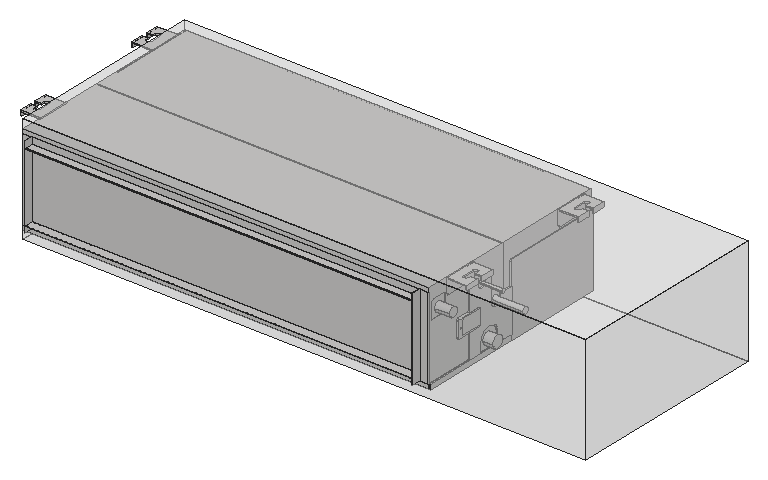
Revit family "outputfile", category 機械設備, Revit 2024
Family settings
  丸型コネクタ寸法 = 半径を使用
  パーツ タイプ = 標準
  OmniClass 番号 = 23.75.10.24.21.27.27
  OmniClass タイトル = Split System Air Conditioning Units
  作業面ベース = いいえ
  常に垂直 = はい
  ロード時にボイドで切り取り = いいえ
  注釈の向きを維持 = いいえ
  共有 = いいえ
  部屋計算ポイント = はい
Parameters (values of type "FXDQ50TV1C")
  Description = ""
  製造元 = "Daikin"
  書き出し IFC クラス(タイプ) = "IfcUnitaryEquipmentType"
  定義済み IFC タイプ(タイプ) = "AIRCONDITIONINGUNIT"
  Cost = 0
  モデル = "FXDQ50TV1C"
  Type Comments = ""
  Keynote = ""
  Type Image = (empty or 0)
  Assembly Code = ""
  r_Liquid Pipe Size = Liquid Pipe Size / 2  # 3.2 mm
  r_Gas Pipe Size = Gas Pipe Size / 2  # 6.35 mm
  r_Drain Pipe Size = Drain Pipe Size / 2  # 10.0 mm
  lw_powersuply = 65.0 mm  # constant formula
  lh_suctionflange [instance] = [h***] + 100.5 mm  # 100.5 mm
  lh_mounting = lh_mountinghole + [h***]  # 200.0 mm
  ld_suctionflange [instance] = if(and(Rear Connection_Return Air, Width = 700.0 mm), 94.5 mm, if(and(Rear Connection_Return Air, Width = 900.0 mm), 94.0 mm, if(and(Rear Connection_Return Air, Width = 1100.0 mm), 94.0 mm, 100.5 mm)))  # 94.0 mm
  ld_powersuply = 64.0 mm  # constant formula
  ld_mountinghole_Back = if(Width = 900.0 mm, 169.0 mm, 165.0 mm)  # 169.0 mm
  ld_mountinghole_Front = if(Width = 900.0 mm, 140.0 mm, 144.0 mm)  # 140.0 mm
  ld_RA_below = if(Width = 700.0 mm, 189.0 mm, 188.0 mm)  # 188.0 mm
  ld_RA = if(Width = 700.0 mm, 94.5 mm, 94.0 mm)  # 94.0 mm
  angle_vertical_RA [instance] = if(Rear Connection_Return Air, 90.00°, 0.00°)  # 90.00°
  angle horizontal_RA [instance] = if(Rear Connection_Return Air, 180.00°, 270.00°)  # 180.00°
  Voltage_comment_50Hz = "220-240"
  Voltage_50Hz = 220 V
  URL = ""
  Supply Air Direction [instance] = yes
  Sound Power Level_H speed (dB) = 0
  Rear Connection_Return Air [instance] = not(Bottom Connection_Return Air)  # yes
  Phase_50Hz = 1
  Minimum External Static Pressure = 10.00 Pa
  Minimum Circuit Amps_50Hz = 2.1 A
  Maximum Fuse Amps_50Hz = 15.0 A
  Maximum External Static Pressure = 45.00 Pa
  Material_Casing = DAIKIN_GalvanizedSteel_Casing_indoorunit
  ld_liquidpipe = 142.0 mm  # constant formula
  ld_gaspipe = 181.0 mm  # constant formula
  lw_mountinghole = Width + 52.0 mm  # 952.0 mm
  ld_drainpipe = 28.0 mm  # constant formula
  lh_liquidpipe = 151.0 mm
  lh_gaspipe = 101.0 mm
  lh_mountinghole = 200.0 mm  # constant formula
  lh_drainpipe = 152.0 mm  # constant formula
  h_antenna = Height - lh_mountinghole + 1.0 mm  # 1.0 mm
  h*** = 0.0 mm  # constant formula
  Width = 900.0 mm
  Version = "ver.1.0"
  Unit Type = "Slim Duct (Standard) Type"
  Unit Mass Weight = 21.00 kg
  Unit Designation [instance] = ""
  Uniclass2015Version = "Products v1.30"
  Uniclass2015Title = "Variable refrigerant flow units"
  Uniclass2015Code = "Pr_70_65_03_94"
  Total Heating Capacity [instance] = 0.000 kW
  Total Cooling Capacity [instance] = 0.000 kW
  Sound Pressure Level_M speed (dBA) = 0
  Sound Pressure Level_L speed (dBA) = 30
  Sound Pressure Level_H speed (dBA) = 35
  Series = "VRV Fan Coil Unit"
  Sensible Cooling Capacity [instance] = 0.000 kW
  SA Duct Size Width = if(Width = 900.0 mm, 860.0 mm, if(Width = 1100.0 mm, 1060.0 mm, 660.0 mm))  # 860.0 mm
  SA Duct Size Height = 153.0 mm  # constant formula
  Refrigerant Type = "R410A"
  RA Duct Size Width = if(Width = 900.0 mm, 775.0 mm, if(Width = 1100.0 mm, 975.0 mm, 575.0 mm))  # 775.0 mm
  RA Duct Size Height [instance] = if(Rear Connection_Return Air, 163.0 mm, if(Width = 700.0 mm, 153.0 mm, 152.0 mm))  # 163.0 mm
  Power Input (Heating) = 0.070 kW
  Power Input (Cooling) = 0.075 kW
  Option Accessory 3 [instance] = ""
  Option Accessory 2 [instance] = ""
  Option Accessory 1 [instance] = ""
  Nominal Heating Capacity = 6.300 kW
  Nominal Cooling Capacity = 5.600 kW
  Minimum Airflow = 0.00 m³/h
  Median Airflow = 0.00 m³/h
  Maximum Airflow = 900.00 m³/h
  Load Classification = HVAC
  Liquid Pipe Size = 6.4 mm
  Link_Nested Family [instance] = ""
  IfcVersion = "0"
  IfcExportType = "AIRCONDITIONINGUNIT"
  IfcExportAs = "IfcUnitaryEquipmentType"
  Height = 200.0 mm
  Heating Entering Wet Bulb Temperature [instance] = 0.00 °C
  Heating Entering Dry Bulb Temperature [instance] = 0.00 °C
  Heating Ambient Wet Bulb Temperature [instance] = 0.00 °C
  Heating Ambient Dry Bulb Temperature [instance] = 0.00 °C
  Heat Exchanger Type = "Cross Fin Coil"
  Gas Pipe Size = 12.7 mm
  Frequency_50Hz = 50 Hz
  Fan Type = "Sirocco Fan"
  Fan Drive = "Direct Drive"
  FCU Tag No. [instance] = ""
  Drain Pipe Size = 20.0 mm
  Design Supply Airflow [instance] = 0.00 m³/h
  Design Return Airflow [instance] = 0.00 m³/h
  Design External Static Pressure [instance] = 0.00 Pa
  Depth = 450.0 mm
  既定の高さ = 0.0 mm
  Cooling Entering Wet Bulb Temperature [instance] = 0.00 °C
  Cooling Entering Dry Bulb Temperature [instance] = 0.00 °C
  Cooling Ambient Wet Bulb Temperature [instance] = 0.00 °C
  Cooling Ambient Dry Bulb Temperature [instance] = 0.00 °C
  Clearance visibility [instance] = yes
  Clearance Top = 20.0 mm
  Clearance Right = 350.0 mm
  Clearance Rear = 0.0 mm
  Clearance Left = 0.0 mm
  Clearance Front = 0.0 mm
  Clearance Bottom = 20.0 mm
  Bottom Connection_Return Air [instance] = no
Reference planes
  plane 1 "Center (Front/Back)": y = 0
  plane 2 "Bottom": z = -200
  plane 3 "Center (Left/Right)": x = 0
  plane 4 "Back": y = 225
  plane 5 "Front": y = -225
  plane 6 "Left": x = -450
  plane 7 "Right": x = 450
  plane 8 "Top": z = 0
  plane 9 "BB": y = -20
  plane 10 "condensate water pan": z = -190
  plane 11 "Below": z = -200
  plane 12 "Other components Right": x = 455
  plane 13 "Other components Left": x = 445
  plane 14 "lh_drainpipe": z = -48
  plane 15 "ld_drainpipe": y = -197
  plane 16 "drainpipe": x = 483
  plane 17 "lh_liquidpipe": z = -49
  plane 18 "ld_liquidpipe": y = -83
  plane 19 "ld_gaspipe": y = -44
  plane 20 "lh_gaspipe": z = -99
  plane 21: x = 503
  plane 22: x = 520
  plane 23: x = 474
  plane 24 "w_mountinghole_Left": x = -476
  plane 25 "w_mountinghole_Right": x = 476
  plane 26 "d_mountinghole_Back": y = 169
  plane 27 "d_mountinghole_Front": y = -140
  plane 28 "h_mountinghole": z = 0
  plane 29 "lw_powersuply": x = 385
  plane 30 "ld_powersuply": y = -161
  plane 31 "Clearance Left": x = -450
  plane 32 "Clearance Right": x = 800
  plane 33 "Clearance Rear": y = 225
  plane 34 "Clearance Front": y = -225
  plane 35 "Clearance Bottom": z = -220
  plane 36 "Clearance Top": z = 20
  plane 37 "RA": y = 224
  plane 38: z = -199
  plane 39 "RA_d": y = 131
  plane 40 "RA_w": x = -51.5
  plane 41 "RA_h": z = -99.5
  plane 42 "SA_h": z = -99
  plane 43 "RA_dd": y = 37
Forms (mm)
  Extrusion 1, solid, material "DAIKIN_GalvanizedSteel_Casing_indoorunit" <- "Material_Casing"
    sketch origin (0, 0, 100) x (0, 1, 0) y (0, 0, 1)
      loop
        line (-20, -100) -> (-20, -300) -> (225, -300) -> (225, -100) -> (-20, -100)
    from -450 to 450
  Extrusion 2, solid, material "DAIKIN_GalvanizedSteel_Casing_indoorunit" <- "Material_Casing"
    sketch origin (0, 0, 100) x (0, 1, 0) y (0, 0, 1)
      loop
        line (-225, -100) -> (-225, -290) -> (-20, -290) -> (-20, -100) -> (-225, -100)
    from -450 to 450
  Extrusion 3, solid, material "DAIKIN_GalvanizedSteel_Casing_indoorunit" <- "Material_Casing"
    sketch origin (0, 0, 100) x (0, 1, 0) y (0, 0, 1)
      loop
        line (-225, -290) -> (-225, -300) -> (-20, -300) -> (-20, -290) -> (-225, -290)
    from -450 to 450
  Extrusion 4, solid, material "DAIKIN_GalvanizedSteel_Casing_indoorunit" <- "Material_Casing"
    sketch origin (0, 0, 0) x (0, 1, 0) y (0, 0, 1)
      loop
        arc (2, -40) -> (-0.121, -40.879) -> (-1, -43) r 3
        line (-1, -43) -> (-1, -197)
        arc (-1, -197) -> (-0.121, -199.121) -> (2, -200) r 3
        line (2, -200) -> (225, -200) -> (225, -40) -> (2, -40)
    from 450 to 455
  Extrusion 5, solid, material "DAIKIN_GalvanizedSteel_Casing_indoorunit" <- "Material_Casing"
    sketch origin (620, 0, 0) x (0, 1, 0) y (0, 0, 1)
      loop
        line (-225, -190) -> (-225, -200) -> (-2, -200) -> (-2, -193)
        arc (-2, -193) -> (-2.879, -190.879) -> (-5, -190) r 3
        line (-5, -190) -> (-225, -190)
    from -170 to -165
  Extrusion 6, void
    sketch origin (0, 0, 0) x (0, 1, 0) y (0, 0, 1)
      loop
        arc (-145.64, -94.17) -> (-147.761, -95.049) -> (-148.64, -97.17) r 3
        line (-148.64, -97.17) -> (-148.64, -131.17)
        arc (-148.64, -131.17) -> (-147.761, -133.291) -> (-145.64, -134.17) r 3
        line (-145.64, -134.17) -> (-91.78, -134.17)
        arc (-91.78, -134.17) -> (-89.659, -133.291) -> (-88.78, -131.17) r 3
        line (-88.78, -131.17) -> (-88.78, -97.17)
        arc (-88.78, -97.17) -> (-89.659, -95.049) -> (-91.78, -94.17) r 3
        line (-91.78, -94.17) -> (-145.64, -94.17)
    from 445 to 455
  Extrusion 7, void
    sketch origin (460, 0, 0) x (0, 1, 0) y (0, 0, 1)
      loop
        arc (-212.95, -27.05) -> (-216.486, -28.514) -> (-217.95, -32.05) r 5
        line (-217.95, -32.05) -> (-217.95, -63.95)
        arc (-217.95, -63.95) -> (-216.486, -67.486) -> (-212.95, -68.95) r 5
        line (-212.95, -68.95) -> (-181.05, -68.95)
        arc (-181.05, -68.95) -> (-177.514, -67.486) -> (-176.05, -63.95) r 5
        line (-176.05, -63.95) -> (-176.05, -32.05)
        arc (-176.05, -32.05) -> (-177.514, -28.514) -> (-181.05, -27.05) r 5
        line (-181.05, -27.05) -> (-212.95, -27.05)
    from -15 to -5
  Extrusion 8, solid, material "DAIKIN_GalvanizedSteel_Casing_indoorunit" <- "Material_Casing"
    sketch origin (700, 0, 0) x (0, 1, 0) y (0, 0, 1)
      loop
        line (-116.823, -42) -> (-116.823, -190) -> (-87.438, -190) -> (-87.438, -167.881)
        arc (-87.438, -167.881) -> (-62.998, -143.441) -> (-38.558, -167.881) r 24.44
        line (-38.558, -167.881) -> (-38.558, -190) -> (-1, -190) -> (-1, -92.773) -> (-27.497, -92.773)
        arc (-27.497, -92.773) -> (-28.911, -93.359) -> (-29.497, -94.773) r 2
        line (-29.497, -94.773) -> (-29.497, -99)
        arc (-29.497, -99) -> (-43.997, -113.5) -> (-58.497, -99) r 14.5
        line (-58.497, -99) -> (-58.497, -42.3)
        arc (-58.497, -42.3) -> (-59.171, -40.674) -> (-60.797, -40) r 2.3
        line (-60.797, -40) -> (-69, -40)
        arc (-69, -40) -> (-70.414, -40.586) -> (-71, -42) r 2
        line (-71, -42) -> (-71, -49)
        arc (-71, -49) -> (-83, -61) -> (-95, -49) r 12
        line (-95, -49) -> (-95, -42)
        arc (-95, -42) -> (-95.586, -40.586) -> (-97, -40) r 2
        line (-97, -40) -> (-114.823, -40)
        arc (-114.823, -40) -> (-116.237, -40.586) -> (-116.823, -42) r 2
    from -250 to -245
  Extrusion 9, solid, material "DAIKIN_GalvanizedSteel_Casing_indoorunit" <- "Material_Casing"
    sketch origin (0, 0, 0) x (0, 1, 0) y (0, 0, 1)
      loop
        line (-91.78, -95.17) -> (-145.64, -95.17)
        arc (-145.64, -95.17) -> (-147.054, -95.756) -> (-147.64, -97.17) r 2
        line (-147.64, -97.17) -> (-147.64, -131.17)
        arc (-147.64, -131.17) -> (-147.054, -132.584) -> (-145.64, -133.17) r 2
        line (-145.64, -133.17) -> (-91.78, -133.17)
        arc (-91.78, -133.17) -> (-90.366, -132.584) -> (-89.78, -131.17) r 2
        line (-89.78, -131.17) -> (-89.78, -97.17)
        arc (-89.78, -97.17) -> (-90.366, -95.756) -> (-91.78, -95.17) r 2
    from 445 to 455
  Extrusion 10, solid, material "DAIKIN_GalvanizedSteel_Casing_indoorunit" <- "Material_Casing"
    sketch origin (0, 0, 0) x (0, 1, 0) y (0, 0, 1)
      loop
        line (-89.78, -97.67) -> (-136.14, -97.67) -> (-136.14, -130.67) -> (-89.78, -130.67) -> (-89.78, -97.67)
      loop
        circle (-142.64, -114.17) r 1.5
    from 450 to 455
  Extrusion 11, solid, material "DAIKIN_GalvanizedSteel_Casing_indoorunit" <- "Material_Casing"
    sketch origin (0, 0, 0) x (0, 1, 0) y (0, 0, 1)
      loop
        circle (-197, -48) r 10
    from 450 to 483
  Extrusion 12, solid, material "DAIKIN_GalvanizedSteel_Casing_indoorunit" <- "Material_Casing"
    sketch origin (0, 0, 0) x (0, 1, 0) y (0, 0, 1)
      loop
        circle (-83, -49) r 3.2
    from 450 to 503
  Extrusion 13, solid, material "DAIKIN_GalvanizedSteel_Casing_indoorunit" <- "Material_Casing"
    sketch origin (0, 0, 0) x (0, 1, 0) y (0, 0, 1)
      loop
        circle (-44, -99) r 6.35
    from 450 to 520
  Extrusion 14, solid, material "DAIKIN_GalvanizedSteel_Casing_indoorunit" <- "Material_Casing"
    sketch origin (0, 0, 0) x (0, 1, 0) y (0, 0, 1)
      loop
        circle (-62.998, -169) r 13
    from 450 to 474
  Extrusion 15, void
    sketch origin (0, 0, 0) x (1, 0, 0) y (0, 0, 1)
      loop
        line (346, -1) -> (-449, -1) -> (-449, -200) -> (346, -200) -> (346, -1)
    from -225 to -37
  Extrusion 16, solid, material "DAIKIN_GalvanizedSteel_Casing_indoorunit" <- "Material_Casing", visible <- "Bottom Connection_Return Air"
    sketch origin (0, 0, 0) x (1, 0, 0) y (0, 0, 1)
      loop
        line (346, -1) -> (-449, -1) -> (-449, -200) -> (346, -200) -> (346, -1)
    from -225 to -224
  Extrusion 17, solid, material "DAIKIN_GalvanizedSteel_Casing_indoorunit" <- "Material_Casing", visible <- "Rear Connection_Return Air"
    sketch origin (0, 0, 0) x (1, 0, 0) y (0, 1, 0)
      loop
        line (-449, 37) -> (346, 37) -> (346, 225) -> (-449, 225) -> (-449, 37)
    from -200 to -199
Cuts and joins
  Extrusion 6, Extrusion 7 cuts Extrusion 2
  Extrusion 6 cuts Extrusion 8
  Extrusion 15 cuts Extrusion 1
Dimensions and locks
  locked: plane 9 "BB" to plane 1 "Center (Front/Back)" at 20
  equal spacing: plane 4 "Back", plane 1 "Center (Front/Back)", plane 5 "Front"
  "Depth": plane 4 "Back" to plane 5 "Front"
  plane 9 "BB" to plane 4 "Back" = 245.0 mm
  plane 5 "Front" to plane 9 "BB" = 205.0 mm
  equal spacing: plane 6 "Left", plane 3 "Center (Left/Right)", plane 7 "Right"
  "Width": plane 6 "Left" to plane 7 "Right"
  locked: plane 1 "Center (Front/Back)" to plane 9 "BB" at 20
  "h***": plane 11 "Below" to plane 2 "Bottom"
  locked: plane 10 "condensate water pan" to plane 11 "Below" at 10
  "Height": plane 8 "Top" to plane 11 "Below"
  locked: Extrusion 4 sketch curve to plane 4 "Back" at 226
  locked: Extrusion 4 sketch curve to plane 11 "Below" at 160
  locked: plane 7 "Right" to plane 12 "Other components Right" at 5
  locked: plane 13 "Other components Left" to plane 7 "Right" at 5
  "lh_drainpipe": plane 14 "lh_drainpipe" to plane 11 "Below"
  plane 5 "Front" to plane 15 "ld_drainpipe" = 28.0 mm
  "ld_drainpipe": plane 15 "ld_drainpipe" to plane 5 "Front"
  locked: plane 7 "Right" to plane 16 "drainpipe" at 33
  "lh_liquidpipe": plane 17 "lh_liquidpipe" to plane 11 "Below"
  "ld_liquidpipe": plane 18 "ld_liquidpipe" to plane 5 "Front"
  "ld_gaspipe": plane 19 "ld_gaspipe" to plane 5 "Front"
  plane 5 "Front" to plane 18 "ld_liquidpipe" = 142.0 mm
  plane 5 "Front" to plane 19 "ld_gaspipe" = 181.0 mm
  "lh_gaspipe": plane 20 "lh_gaspipe" to plane 11 "Below"
  locked: plane 7 "Right" to plane 21 at 53
  locked: plane 7 "Right" to plane 22 at 70
  locked: plane 7 "Right" to plane 23 at 24
  equal spacing: plane 24 "w_mountinghole_Left", plane 3 "Center (Left/Right)", plane 25 "w_mountinghole_Right"
  "lw_mountinghole": plane 24 "w_mountinghole_Left" to plane 25 "w_mountinghole_Right"
  plane 26 "d_mountinghole_Back" to plane 27 "d_mountinghole_Front" = 309.0 mm
  "lh_mountinghole": plane 28 "h_mountinghole" to plane 11 "Below"
  "lw_powersuply": plane 29 "lw_powersuply" to plane 7 "Right"
  "ld_powersuply": plane 5 "Front" to plane 30 "ld_powersuply"
  "Clearance Rear": plane 33 "Clearance Rear" to plane 4 "Back"
  "Clearance Front": plane 5 "Front" to plane 34 "Clearance Front"
  "Clearance Bottom": plane 11 "Below" to plane 35 "Clearance Bottom"
  "Clearance Top": plane 36 "Clearance Top" to plane 8 "Top"
  "Clearance Left": plane 31 "Clearance Left" to plane 6 "Left"
  "Clearance Right": plane 7 "Right" to plane 32 "Clearance Right"
  locked: cut or joined group of Extrusion 1, Extrusion 15 to plane 6 "Left" at 1
  locked: plane 7 "Right" to cut or joined group of Extrusion 1, Extrusion 15 at 104
  locked: plane 4 "Back" to plane 37 "RA" at 1
  locked: plane 6 "Left" to Extrusion 17 sketch curve at 1
  locked: Extrusion 17 sketch curve to plane 7 "Right" at 104
  locked: plane 38 to plane 11 "Below" at 1
  locked: plane 40 "RA_w" to plane 3 "Center (Left/Right)" at 51.5
  "ld_RA": plane 39 "RA_d" to plane 4 "Back"
  locked: plane 11 "Below" to plane 41 "RA_h" at 100.5
  locked: plane 11 "Below" to plane 42 "SA_h" at 101
  "ld_mountinghole_Back": plane 26 "d_mountinghole_Back" to plane 1 "Center (Front/Back)"
  "ld_mountinghole_Front": plane 27 "d_mountinghole_Front" to plane 1 "Center (Front/Back)"
  "ld_RA_below": plane 4 "Back" to plane 43 "RA_dd"
  "r_Liquid Pipe Size": radius of Extrusion 12 sketch curve
  "r_Gas Pipe Size": radius of Extrusion 13 sketch curve
  "r_Drain Pipe Size": radius of Extrusion 11 sketch curve
  aligned and locked: Extrusion 1 sketch curve to plane 8 "Top"
  aligned and locked: Extrusion 1 sketch curve to plane 9 "BB"
  aligned and locked: Extrusion 1 sketch curve to plane 4 "Back"
  aligned and locked: Extrusion 2 sketch curve to plane 9 "BB"
  aligned and locked: Extrusion 2 sketch curve to plane 8 "Top"
  aligned and locked: plane 5 "Front" to Extrusion 2 sketch curve
  aligned and locked: Extrusion 1 to plane 6 "Left"
  aligned and locked: plane 7 "Right" to Extrusion 1
  aligned and locked: Extrusion 2 to plane 6 "Left"
  aligned and locked: plane 7 "Right" to Extrusion 2
  aligned and locked: plane 10 "condensate water pan" to Extrusion 2 sketch curve
  aligned and locked: Extrusion 3 sketch curve to plane 10 "condensate water pan"
  aligned and locked: plane 5 "Front" to Extrusion 3 sketch curve
  aligned and locked: plane 9 "BB" to Extrusion 3 sketch curve
  aligned and locked: Extrusion 3 to plane 6 "Left"
  aligned and locked: plane 7 "Right" to Extrusion 3
  aligned and locked: plane 11 "Below" to Extrusion 3
  aligned and locked: Extrusion 1 to plane 11 "Below"
  aligned and locked: plane 11 "Below" to Extrusion 4 sketch curve
  aligned and locked: Extrusion 4 sketch curve to plane 4 "Back"
  aligned and locked: Extrusion 4 to plane 7 "Right"
  aligned and locked: plane 12 "Other components Right" to Extrusion 4
  aligned and locked: Extrusion 5 sketch curve to plane 10 "condensate water pan"
  aligned and locked: plane 5 "Front" to Extrusion 5 sketch curve
  aligned and locked: plane 11 "Below" to Extrusion 5 sketch curve
  aligned and locked: Extrusion 5 to plane 7 "Right"
  aligned and locked: plane 12 "Other components Right" to Extrusion 5
  aligned and locked: Extrusion 8 to plane 7 "Right"
  aligned and locked: plane 12 "Other components Right" to Extrusion 8
  aligned and locked: Extrusion 6 to plane 13 "Other components Left"
  aligned and locked: Extrusion 7 to plane 13 "Other components Left"
  aligned and locked: plane 12 "Other components Right" to Extrusion 7
  aligned and locked: plane 12 "Other components Right" to Extrusion 6
  aligned and locked: Extrusion 10 to plane 7 "Right"
  aligned and locked: Extrusion 9 to plane 13 "Other components Left"
  aligned and locked: plane 16 "drainpipe" to Extrusion 11
  aligned and locked: Extrusion 11 to plane 7 "Right"
  aligned and locked: plane 12 "Other components Right" to Extrusion 9
  aligned and locked: plane 12 "Other components Right" to Extrusion 10
  aligned and locked: Extrusion 12 to plane 7 "Right"
  aligned and locked: plane 21 to Extrusion 12
  aligned and locked: Extrusion 13 sketch curve to plane 19 "ld_gaspipe"
  aligned and locked: plane 20 "lh_gaspipe" to Extrusion 13 sketch curve
  aligned and locked: Extrusion 12 sketch curve to plane 18 "ld_liquidpipe"
  aligned and locked: plane 17 "lh_liquidpipe" to Extrusion 12 sketch curve
  aligned and locked: plane 14 "lh_drainpipe" to Extrusion 11 sketch curve
  aligned and locked: Extrusion 11 sketch curve to plane 15 "ld_drainpipe"
  aligned and locked: Extrusion 13 to plane 7 "Right"
  aligned and locked: plane 22 to Extrusion 13
  aligned and locked: Extrusion 14 to plane 7 "Right"
  aligned and locked: plane 23 to Extrusion 14
  aligned and locked: plane 25 "w_mountinghole_Right" to nested 2
  aligned and locked: nested 2 to plane 26 "d_mountinghole_Back"
  aligned and locked: plane 28 "h_mountinghole" to nested 2
  aligned and locked: plane 27 "d_mountinghole_Front" to nested 3
  aligned and locked: plane 25 "w_mountinghole_Right" to nested 3
  aligned and locked: plane 24 "w_mountinghole_Left" to nested 4
  aligned and locked: plane 26 "d_mountinghole_Back" to nested 4
  aligned and locked: plane 24 "w_mountinghole_Left" to nested 5
  aligned and locked: nested 5 to plane 27 "d_mountinghole_Front"
  aligned and locked: plane 28 "h_mountinghole" to nested 4
  aligned and locked: plane 28 "h_mountinghole" to nested 5
  aligned and locked: plane 28 "h_mountinghole" to nested 3
  aligned and locked: plane 24 "w_mountinghole_Left" to nested 1
  aligned and locked: nested 1 to plane 26 "d_mountinghole_Back"
  aligned and locked: plane 27 "d_mountinghole_Front" to nested 6
  aligned and locked: plane 24 "w_mountinghole_Left" to nested 6
  aligned and locked: nested 7 to plane 25 "w_mountinghole_Right"
  aligned and locked: nested 7 to plane 26 "d_mountinghole_Back"
  aligned and locked: plane 27 "d_mountinghole_Front" to nested 8
  aligned and locked: nested 8 to plane 25 "w_mountinghole_Right"
  aligned and locked: plane 15 "ld_drainpipe" to nested 9
  aligned and locked: plane 7 "Right" to nested 9
  aligned and locked: plane 14 "lh_drainpipe" to nested 9
  aligned and locked: plane 7 "Right" to nested 11
  aligned and locked: plane 7 "Right" to nested 10
  aligned and locked: plane 18 "ld_liquidpipe" to nested 10
  aligned and locked: plane 19 "ld_gaspipe" to nested 11
  aligned and locked: nested 10 to plane 17 "lh_liquidpipe"
  aligned and locked: nested 11 to plane 20 "lh_gaspipe"
  aligned and locked: plane 31 "Clearance Left" to nested 12
  aligned and locked: nested 12 to plane 33 "Clearance Rear"
  aligned and locked: plane 34 "Clearance Front" to nested 12
  aligned and locked: nested 12 to plane 32 "Clearance Right"
  aligned and locked: plane 36 "Clearance Top" to nested 12
  aligned and locked: plane 35 "Clearance Bottom" to nested 12
  aligned and locked: nested 13 to plane 29 "lw_powersuply"
  aligned and locked: plane 30 "ld_powersuply" to nested 13
  aligned and locked: nested 13 to plane 20 "lh_gaspipe"
  aligned and locked: plane 3 "Center (Left/Right)" to nested 14
  aligned and locked: plane 1 "Center (Front/Back)" to nested 14
  aligned and locked: plane 1 "Center (Front/Back)" to nested 15
  aligned and locked: nested 15 to plane 11 "Below"
  aligned and locked: plane 3 "Center (Left/Right)" to nested 16
  aligned and locked: plane 3 "Center (Left/Right)" to nested 17
  aligned and locked: plane 8 "Top" to nested 16
  aligned and locked: plane 4 "Back" to Extrusion 15
  aligned and locked: plane 4 "Back" to Extrusion 16
  aligned and locked: Extrusion 16 to plane 37 "RA"
  aligned and locked: Extrusion 17 to plane 11 "Below"
  aligned and locked: plane 38 to Extrusion 17
  aligned and locked: plane 39 "RA_d" to nested 18
  aligned and locked: plane 1 "Center (Front/Back)" to nested 19
  aligned and locked: plane 3 "Center (Left/Right)" to nested 19
  aligned and locked: plane 42 "SA_h" to nested 19
  aligned and locked: nested 16 to plane 37 "RA"
  aligned and locked: nested 16 to plane 4 "Back"
  aligned and locked: nested 17 to plane 38
  aligned and locked: nested 17 to plane 37 "RA"
  aligned and locked: Extrusion 15 to plane 43 "RA_dd"
  aligned and locked: Extrusion 17 sketch curve to plane 43 "RA_dd"
  aligned and locked: level to plane 8 "Top"
Automatic sketch dimensions
  Extrusion 1 sketch curve to plane 10 "condensate water pan" = 10.0 mm
  Extrusion 3 sketch curve to plane 10 "condensate water pan" = 10.0 mm
  Extrusion 4 sketch curve to plane 10 "condensate water pan" = 7.0 mm
  Extrusion 4 sketch curve to plane 1 "Center (Front/Back)" = 2.0 mm
  plane 1 "Center (Front/Back)" to Extrusion 5 sketch curve = 2.0 mm
  Extrusion 5 sketch curve to plane 10 "condensate water pan" = 3.0 mm
  plane 5 "Front" to Extrusion 6 sketch curve = 76.36 mm
  Extrusion 6 sketch curve to Extrusion 6 sketch curve = 3.0 mm  (x3)
  Extrusion 6 sketch curve to Extrusion 6 sketch curve = 53.86 mm
  Extrusion 6 sketch curve to Extrusion 6 sketch curve = 0.0 mm
  plane 10 "condensate water pan" to Extrusion 6 sketch curve = 55.83 mm
  Extrusion 6 sketch curve to Extrusion 6 sketch curve = 34.0 mm
  plane 5 "Front" to Extrusion 7 sketch curve = 7.05 mm
  Extrusion 7 sketch curve to Extrusion 7 sketch curve = 5.0 mm  (x3)
  Extrusion 7 sketch curve to Extrusion 7 sketch curve = 31.9 mm  (x3)
  Extrusion 7 sketch curve to plane 8 "Top" = 68.95 mm
  Extrusion 8 sketch curve to plane 10 "condensate water pan" = 0.0 mm  (x2)
  Extrusion 8 sketch curve to plane 9 "BB" = 96.823 mm
  Extrusion 8 sketch curve to Extrusion 8 sketch curve = 2.0 mm  (x4)
  Extrusion 8 sketch curve to Extrusion 8 sketch curve = 17.823 mm
  Extrusion 8 sketch curve to Extrusion 8 sketch curve = 29.385 mm
  Extrusion 8 sketch curve to Extrusion 8 sketch curve = 12.0 mm
  Extrusion 8 sketch curve to Extrusion 8 sketch curve = 24.44 mm
  Extrusion 8 sketch curve to Extrusion 8 sketch curve = 8.203 mm
  Extrusion 8 sketch curve to plane 9 "BB" = 38.497 mm
  Extrusion 8 sketch curve to Extrusion 8 sketch curve = 14.5 mm
  plane 1 "Center (Front/Back)" to Extrusion 8 sketch curve = 1.0 mm
  Extrusion 8 sketch curve to Extrusion 8 sketch curve = 22.119 mm
  Extrusion 8 sketch curve to Extrusion 8 sketch curve = 68.881 mm
  Extrusion 8 sketch curve to Extrusion 8 sketch curve = 4.227 mm
  Extrusion 8 sketch curve to plane 8 "Top" = 49.0 mm
  Extrusion 8 sketch curve to Extrusion 8 sketch curve = 6.7 mm
  Extrusion 8 sketch curve to Extrusion 8 sketch curve = 7.0 mm
  plane 5 "Front" to Extrusion 9 sketch curve = 79.36 mm
  Extrusion 9 sketch curve to Extrusion 9 sketch curve = 2.0 mm  (x3)
  Extrusion 9 sketch curve to Extrusion 9 sketch curve = 53.86 mm
  Extrusion 9 sketch curve to Extrusion 9 sketch curve = 0.0 mm
  plane 10 "condensate water pan" to Extrusion 9 sketch curve = 56.83 mm
  Extrusion 9 sketch curve to Extrusion 9 sketch curve = 34.0 mm
  plane 5 "Front" to Extrusion 10 sketch curve = 82.36 mm
  Extrusion 10 sketch curve to Extrusion 10 sketch curve = 6.5 mm
  Extrusion 10 sketch curve to Extrusion 10 sketch curve = 46.36 mm
  plane 10 "condensate water pan" to Extrusion 10 sketch curve = 59.33 mm
  Extrusion 10 sketch curve to Extrusion 10 sketch curve = 16.5 mm  (x2)
  Extrusion 14 sketch curve to plane 19 "ld_gaspipe" = 18.998 mm
  plane 10 "condensate water pan" to Extrusion 14 sketch curve = 21.0 mm
  plane 6 "Left" to Extrusion 15 sketch curve = 1.0 mm
  plane 35 "Clearance Bottom" to Extrusion 15 sketch curve = 20.0 mm
  plane 29 "lw_powersuply" to Extrusion 15 sketch curve = 39.0 mm
  Extrusion 15 sketch curve to plane 8 "Top" = 1.0 mm
  plane 6 "Left" to Extrusion 16 sketch curve = 1.0 mm
  Extrusion 16 sketch curve to plane 11 "Below" = 0.0 mm
  plane 29 "lw_powersuply" to Extrusion 16 sketch curve = 39.0 mm
  Extrusion 16 sketch curve to plane 8 "Top" = 1.0 mm
  Extrusion 17 sketch curve to plane 4 "Back" = 0.0 mm
  radius of Extrusion 10 sketch curve = 1.5 mm
  radius of Extrusion 14 sketch curve = 13.0 mm
Nested families
  nested 1: "daikin_mountinghole" at (-476, 169, -200), h_mountinghole <- "lh_mounting", l_antenna <- "h_antenna", Link_Nested Family <- "Link_Nested Family", type "daikin_mountinghole"
    with show yes, l_antenna 1.0 mm, h_mountinghole 200.0 mm, Link_Nested Family ""
  nested 2: "daikin_hangerfixture_FXDQ-TV1C(A)" at (450, 169, 0), type "daikin_hangerfixture_FXDQ-TV1C(A)"
  nested 3: "daikin_hangerfixture_FXDQ-TV1C(A)" at (450, -140, 0), type "daikin_hangerfixture_FXDQ-TV1C(A)"
  nested 4: "daikin_hangerfixture_FXDQ-TV1C(A)" at (-450, 169, 0) x (-1, 0, 0) z (0, 0, 1), type "daikin_hangerfixture_FXDQ-TV1C(A)"
  nested 5: "daikin_hangerfixture_FXDQ-TV1C(A)" at (-450, -140, 0) x (-1, 0, 0) z (0, 0, 1), type "daikin_hangerfixture_FXDQ-TV1C(A)"
  nested 6: "daikin_mountinghole" at (-476, -140, -200), h_mountinghole <- "lh_mounting", l_antenna <- "h_antenna", Link_Nested Family <- "Link_Nested Family", type "daikin_mountinghole"
    with show yes, l_antenna 1.0 mm, h_mountinghole 200.0 mm, Link_Nested Family ""
  nested 7: "daikin_mountinghole" at (476, 169, -200), h_mountinghole <- "lh_mounting", l_antenna <- "h_antenna", Link_Nested Family <- "Link_Nested Family", type "daikin_mountinghole"
    with show yes, l_antenna 1.0 mm, h_mountinghole 200.0 mm, Link_Nested Family ""
  nested 8: "daikin_mountinghole" at (476, -140, -200), h_mountinghole <- "lh_mounting", l_antenna <- "h_antenna", Link_Nested Family <- "Link_Nested Family", type "daikin_mountinghole"
    with show yes, l_antenna 1.0 mm, h_mountinghole 200.0 mm, Link_Nested Family ""
  nested 9: "daikin_connector_rotate2" at (450, -197, -48) x (0, 1, 0) z (0, 0, 1), radius <- "r_Drain Pipe Size", type "daikin_connector_rotate2"
    with radius 10.0 mm, length 33.0 mm, angle_vertical 90.00°, show_face no
  nested 10: "daikin_connector_rotate2" at (450, -83, -49) x (0, 1, 0) z (0, 0, 1), radius <- "r_Liquid Pipe Size", type "daikin_connector_rotate2"
    with radius 3.2 mm, length 53.0 mm, angle_vertical 90.00°, show_face no
  nested 11: "daikin_connector_rotate2" at (450, -44, -99) x (0, 1, 0) z (0, 0, 1), radius <- "r_Gas Pipe Size", type "daikin_connector_rotate2"
    with radius 6.35 mm, length 70.0 mm, angle_vertical 90.00°, show_face no
  nested 12: "daikin_clearancespace" at (175, 0, -99.881), visible <- "Clearance visibility", show <- "Clearance visibility", Link_Nested Family <- "Link_Nested Family", type "daikin_clearancespace"
    with width 1250.0 mm, show yes, height 240.0 mm, depth 450.0 mm, Link_Nested Family ""
  nested 13: "daikin_connector_rotate2" at (385, -161, -99) x (1, 0, 0) z (0, -1, 0), type "daikin_connector_rotate2"
    with radius 10.0 mm, length 101.0 mm, angle_vertical 90.00°, show_face no
  nested 14: "daikin_△_symbolicline" at (0, 0, 200), visible <- "Supply Air Direction", built-in parameter 1001360 <- "Height", type "daikin_△_symbolicline"
    with length 200.0 mm
  nested 15: "daikin_ductflange_FXDQ-TV1C(A)1" at (0, 0, -364.701), width <- "SA Duct Size Width", height <- "SA Duct Size Height", material <- "Material_Casing", type "daikin_ductflange_FXDQ-TV1C(A)1"
    with width 860.0 mm, material DAIKIN_GalvanizedSteel_Casing_indoorunit, height 153.0 mm, depth 20.0 mm
  nested 16: "daikin_ductflange_FXDQ-TV1C(A)2" at (0, 225, -99.5), visible <- "Rear Connection_Return Air", height <- "RA Duct Size Height", width <- "RA Duct Size Width", material <- "Material_Casing", type "daikin_ductflange_FXDQ-TV1C(A)2"
    with width 775.0 mm, material DAIKIN_GalvanizedSteel_Casing_indoorunit, height 163.0 mm, depth 1.0 mm
  nested 17: "daikin_ductflange_FXDQ-TV1C(A)2" at (0, 125.5, -200) x (1, 0, 0) z (0, 1, 0), visible <- "Bottom Connection_Return Air", width <- "RA Duct Size Width", height <- "RA Duct Size Height", type "daikin_ductflange_FXDQ-TV1C(A)2"
    with width 775.0 mm, material DAIKIN_GalvanizedSteel_Casing_indoorunit, height 163.0 mm, depth 1.0 mm
  nested 18: "daikin_connector_rotate3" at (-51.5, 131, -99.5), angle_vertical <- "angle_vertical_RA", angle_horizontal <- "angle horizontal_RA", length <- "ld_suctionflange", built-in parameter 1001364 <- "lh_suctionflange", type "daikin_connector_rotate3"
    with show yes, radius 10.0 mm, length 94.0 mm, angle_vertical 90.00°, angle_horizontal 180.00°
  nested 19: "daikin_connector_rotate2" at (0, 0, -99), type "daikin_connector_rotate2"
    with radius 10.0 mm, length 245.0 mm, angle_vertical 90.00°, show_face no
Connectors
  piping at (483, -197, -48), diameter 20, driven by "r_Drain Pipe Size"
    settings: on nested 9, index 1, connector inside diameter 609.6 mm, connector length 0.0 mm, flow factor 0, pipe flow 0.00 m³/h, pressure drop 0.0 Pa, fitting loss kfactor 0, connector angle 0.00°, fixture units 0, engagement length 0.0 mm, angle of deflection 0.00°, flow configuration 1, flow direction 2, fitting loss method 4, system type 16, joint type 0, gender type 0, connector reference index -1, connector utility 0, adjustable connector no, is connector primary yes, connector description "Condensate Drain Piping"
  piping at (520, -44, -99), diameter 12.7, driven by "r_Gas Pipe Size"
    settings: on nested 11, index 2, connector inside diameter 609.6 mm, connector length 0.0 mm, flow factor 0, pipe flow 0.00 m³/h, pressure drop 0.0 Pa, fitting loss kfactor 0, connector angle 0.00°, fixture units 0, engagement length 0.0 mm, angle of deflection 0.00°, flow configuration 1, flow direction 2, fitting loss method 0, system type 29, joint type 0, gender type 0, connector reference index -1, connector utility 0, adjustable connector no, is connector primary no, connector description "Refrigerant Gas Piping"
  piping at (503, -83, -49), diameter 6.4, driven by "r_Liquid Pipe Size"
    settings: on nested 10, index 3, connector inside diameter 609.6 mm, connector length 0.0 mm, flow factor 0, pipe flow 0.00 m³/h, pressure drop 0.0 Pa, fitting loss kfactor 0, connector angle 0.00°, fixture units 0, engagement length 0.0 mm, angle of deflection 0.00°, flow configuration 1, flow direction 1, fitting loss method 0, system type 29, joint type 0, gender type 0, connector reference index -1, connector utility 0, adjustable connector no, is connector primary no, connector description "Refrigerant Liquid Piping"
  electrical at (385, -161, -200), driven by "Load Classification"
    settings: on nested 13, index 4, voltage 0 V, apparent load 0 VA, apparent load phase1 0 VA, apparent load phase2 0 VA, apparent load phase3 0 VA, power factor 1, load classification "HVAC", number of poles 1, system type 30, power factor state 1, is connector primary yes, connector utility no, sub classification motor no, connector description "Power Supply"
  hvac at (-51.5, 225, -99.5), driven by "RA Duct Size Height", driven by "RA Duct Size Width"
    settings: on nested 18, index 5, duct flow 0.00 m³/h, flow factor 0, pres drop 0.00 Pa, loss coef 0, conn angle 0.00°, conn width 775.0 mm, conn height 163.0 mm, conn diameter 609.6 mm, duct sys type 2, conn prof type 1, flow config 0, flow direction 1, loss method 4, conn ref index -1, conn util no, is conn primary yes, conn desc "RA Duct"
  hvac at (0, -245, -99), driven by "SA Duct Size Height", driven by "SA Duct Size Width"
    settings: on nested 19, index 6, duct flow 0.00 m³/h, flow factor 0, pres drop 0.00 Pa, loss coef 0, conn angle 0.00°, conn width 860.0 mm, conn height 153.0 mm, conn diameter 609.6 mm, duct sys type 1, conn prof type 1, flow config 0, flow direction 2, loss method 4, conn ref index -1, conn util no, is conn primary no, conn desc "SA Duct"
Definition of nested family "daikin_hangerfixture_FXDQ-TV1C(A)"
  Parameters (values of type "daikin_hangerfixture_FXDQ-TV1C(A)")
    width = 46.0 mm
    material = none
    height = 35.0 mm
    depth = 70.0 mm
    Default Elevation = 0.0 mm
  Reference planes
    plane 1 "Center (Front/Back)": y = 0
    plane 2: z = 0
    plane 3 "Center (Left/Right)": x = 0
    plane 4: z = -35
    plane 5: y = 35
    plane 6: y = -35
    plane 7: x = 46
    plane 8: z = -2
    plane 9: x = 44
    plane 10: x = 2
    plane 11: x = 26
  Forms (mm)
    Extrusion 1, solid, material <- "material"
      sketch origin (0, 0, 0) x (1, 0, 0) y (0, 1, 0)
        loop
          line (0, 35) -> (0, -35) -> (46, -35) -> (46, -6.5) -> (31.85, -6.5) -> (31.85, -12.15)
          arc (31.85, -12.15) -> (26, -18) -> (20.15, -12.15) r 5.85
          line (20.15, -12.15) -> (20.15, 12.15)
          arc (20.15, 12.15) -> (26, 18) -> (31.85, 12.15) r 5.85
          line (31.85, 12.15) -> (31.85, 6.5) -> (46, 6.5) -> (46, 35) -> (0, 35)
      from -2 to 0
    Extrusion 2, solid, material <- "material"
      sketch origin (0, 0, 0) x (0, 1, 0) y (0, 0, 1)
        loop
          line (35, 0) -> (6.5, 0) -> (6.5, -8)
          arc (6.5, -8) -> (7.379, -10.121) -> (9.5, -11) r 3
          line (9.5, -11) -> (32, -11)
          arc (32, -11) -> (34.121, -10.121) -> (35, -8) r 3
          line (35, -8) -> (35, 0)
        loop
          line (-35, 0) -> (-35, -8)
          arc (-35, -8) -> (-34.121, -10.121) -> (-32, -11) r 3
          line (-32, -11) -> (-9.5, -11)
          arc (-9.5, -11) -> (-7.379, -10.121) -> (-6.5, -8) r 3
          line (-6.5, -8) -> (-6.5, 0) -> (-35, 0)
      from 44 to 46
    Extrusion 3, solid, material <- "material"
      sketch origin (0, 0, 0) x (0, 1, 0) y (0, 0, 1)
        loop
          line (-37.5, 0) -> (-37.5, -30) -> (-32.5, -35) -> (32.5, -35) -> (37.5, -30) -> (37.5, 0) -> (-37.5, 0)
      from 0 to 2
  Cuts and joins
    joined: Extrusion 1, Extrusion 2, Extrusion 3
  Dimensions and locks
    "height": plane 2 to plane 4
    plane 2 to plane 8 = 2.0 mm
    equal spacing: plane 5, plane 1 "Center (Front/Back)", plane 6
    "depth": plane 5 to plane 6
    "width": plane 3 "Center (Left/Right)" to plane 7
    plane 3 "Center (Left/Right)" to plane 11 to plane 7 = 26.0 mm, 20.0 mm
    locked: cut or joined group of Extrusion 1, Extrusion 2, Extrusion 3 to plane 5 at 2.5
    locked: cut or joined group of Extrusion 1, Extrusion 2, Extrusion 3 to plane 6 at 2.5
    aligned and locked: level to plane 2
    aligned and locked: plane 2 to Extrusion 1
    aligned and locked: Extrusion 1 to plane 8
    aligned and locked: plane 7 to Extrusion 2
    aligned and locked: Extrusion 2 to plane 9
    aligned and locked: plane 2 to Extrusion 2
    aligned and locked: plane 4 to Extrusion 3 sketch curve
    aligned and locked: Extrusion 3 sketch curve to plane 2
    aligned and locked: Extrusion 3 to plane 3 "Center (Left/Right)"
    aligned and locked: Extrusion 3 to plane 10
  Automatic sketch dimensions
    Extrusion 1 sketch curve to plane 3 "Center (Left/Right)" = 0.0 mm
    Extrusion 1 sketch curve to plane 7 = 0.0 mm  (x2)
    Extrusion 1 sketch curve to plane 6 = 0.0 mm
    Extrusion 1 sketch curve to plane 5 = 0.0 mm
    plane 3 "Center (Left/Right)" to Extrusion 1 sketch curve = 20.15 mm
    Extrusion 1 sketch curve to Extrusion 1 sketch curve = 5.85 mm  (x2)
    plane 1 "Center (Front/Back)" to Extrusion 1 sketch curve = 12.15 mm
    Extrusion 1 sketch curve to Extrusion 1 sketch curve = 5.65 mm  (x2)
    Extrusion 1 sketch curve to plane 1 "Center (Front/Back)" = 6.5 mm
    Extrusion 2 sketch curve to level = 0.0 mm  (x2)
    Extrusion 2 sketch curve to plane 6 = 0.0 mm
    Extrusion 2 sketch curve to Extrusion 2 sketch curve = 3.0 mm  (x2)
    plane 1 "Center (Front/Back)" to Extrusion 2 sketch curve = 9.5 mm
    plane 1 "Center (Front/Back)" to Extrusion 2 sketch curve = 6.5 mm
    Extrusion 2 sketch curve to plane 1 "Center (Front/Back)" = 6.5 mm
    Extrusion 2 sketch curve to plane 5 = 3.0 mm
    Extrusion 2 sketch curve to plane 5 = 0.0 mm
    Extrusion 2 sketch curve to plane 8 = 6.0 mm  (x2)
    Extrusion 3 sketch curve to Extrusion 3 sketch curve = 5.0 mm  (x2)
    plane 4 to Extrusion 3 sketch curve = 5.0 mm  (x2)
    Extrusion 3 sketch curve to plane 6 = 2.5 mm
    Extrusion 3 sketch curve to plane 5 = 2.5 mm
Definition of nested family "daikin_clearancespace"
  Parameters (values of type "daikin_clearancespace")
    width [instance] = 1823.963 mm
    show [instance] = yes
    material = none
    height [instance] = 1359.762 mm
    depth [instance] = 880.0 mm
    Default Elevation = 0.0 mm
    Link_Nested Family [instance] = ""
  Reference planes
    plane 1 "Center (Front/Back)": y = 0
    plane 2 "Center (Elevation)": z = -0.119
    plane 3 "Center (Left/Right)": x = 0
    plane 4: y = 440
    plane 5: y = -440
    plane 6 "Right": x = 911.982
    plane 7 "Left": x = -911.982
    plane 8 "Top": z = 679.762
    plane 9 "Bottom": z = -680
  Forms (mm)
    Extrusion 1, solid, material <- "material", visible <- "show"
      sketch origin (0, 0, 0) x (1, 0, 0) y (0, 1, 0)
        loop
          line (-911.982, 440) -> (-911.982, -440) -> (911.982, -440) -> (911.982, 440) -> (-911.982, 440)
      from -680 to 679.762
  Lines and regions (mm)
    symbolic lines, visible <- "show"
      curve 1: line (911.982, 440, 0) -> (-911.982, 440, 0)
      curve 2: line (-911.982, 440, 0) -> (-911.982, -440, 0)
      curve 3: line (-911.982, -440, 0) -> (911.982, -440, 0)
      curve 4: line (911.982, -440, 0) -> (911.982, 440, 0)
      curve 5: line (911.982, 0, 679.762) -> (-911.982, 0, 679.762)
      curve 6: line (911.982, 0, -680) -> (911.982, 0, 679.762)
      curve 7: line (-911.982, 0, -680) -> (911.982, 0, -680)
      curve 8: line (-911.982, 0, 679.762) -> (-911.982, 0, -680)
      curve 9: line (0, 440, 679.762) -> (0, -440, 679.762)
      curve 10: line (0, -440, 679.762) -> (0, -440, -680)
      curve 11: line (0, 440, -680) -> (0, 440, 679.762)
      curve 12: line (0, -440, -680) -> (0, 440, -680)
  Dimensions and locks
    "width": plane 7 "Left" to plane 6 "Right"
    "depth": plane 4 to plane 5
    "height": plane 8 "Top" to plane 9 "Bottom"
    equal spacing: plane 7 "Left", plane 3 "Center (Left/Right)", plane 6 "Right"
    equal spacing: plane 4, plane 1 "Center (Front/Back)", plane 5
    equal spacing: plane 8 "Top", plane 2 "Center (Elevation)", plane 9 "Bottom"
    aligned and locked: level to plane 2 "Center (Elevation)"
    aligned and locked: Extrusion 1 sketch curve to plane 4
    aligned and locked: plane 7 "Left" to Extrusion 1 sketch curve
    aligned and locked: Extrusion 1 sketch curve to plane 5
    aligned and locked: Extrusion 1 sketch curve to plane 6 "Right"
    aligned and locked: plane 8 "Top" to Extrusion 1
    aligned and locked: curve 1 to Extrusion 1
    aligned and locked: curve 2 to Extrusion 1
    aligned and locked: curve 3 to Extrusion 1
    aligned and locked: curve 4 to Extrusion 1
    aligned and locked: curve 5 to Extrusion 1
    aligned and locked: curve 6 to Extrusion 1
    aligned and locked: curve 7 to Extrusion 1
    aligned and locked: curve 8 to Extrusion 1
    aligned and locked: curve 9 to Extrusion 1
    aligned and locked: curve 10 to Extrusion 1
    aligned and locked: curve 11 to Extrusion 1
    aligned and locked: curve 12 to Extrusion 1
    aligned and locked: Extrusion 1 to plane 9 "Bottom"
Definition of nested family "daikin_ductflange_FXDQ-TV1C(A)1"
  Parameters (values of type "daikin_ductflange_FXDQ-TV1C(A)1")
    width [instance] = 660.0 mm
    material [instance] = none
    height [instance] = 160.0 mm
    h*** = 100.0 mm
    depth [instance] = 20.0 mm
    Default Elevation = 0.0 mm
  Reference planes
    plane 1 "Center (Front/Back)": y = 0
    plane 2: z = 189.201
    plane 3 "Center (Left/Right)": x = 0
    plane 4: y = -225
    plane 5: x = -330
    plane 6: x = 330
    plane 7: y = -245
    plane 8: z = 189.201
    plane 9: z = 349.201
    plane 10: z = 269.201
    plane 11: z = 363.701
    plane 12: z = 164.701
  Forms (mm)
    Extrusion 1, solid, material <- "material"
      sketch origin (0, 0, -1) x (0, 1, 0) y (0, 0, 1)
        loop
          line (-225, 350.201) -> (-225, 364.701) -> (-226, 364.701) -> (-226, 351.201) -> (-245, 351.201) -> (-245, 350.201) -> (-225, 350.201)
        loop
          line (-225, 190.201) -> (-245, 190.201) -> (-245, 189.201) -> (-226, 189.201) -> (-226, 175.701) -> (-225, 175.701) -> (-225, 190.201)
      from -330 to 330
    Extrusion 2, solid, material <- "material"
      sketch origin (0, 0, 188.201) x (1, 0, 0) y (0, 1, 0)
        loop
          line (330, -225) -> (330, -245) -> (331, -245) -> (331, -226) -> (350, -226) -> (350, -225) -> (330, -225)
        loop
          line (-330, -225) -> (-350, -225) -> (-350, -226) -> (-331, -226) -> (-331, -245) -> (-330, -245) -> (-330, -225)
      from -13.5 to 175.5
  Dimensions and locks
    equal spacing: plane 6, plane 3 "Center (Left/Right)", plane 5
    "width": plane 6 to plane 5
    locked: plane 6 to Extrusion 2 sketch curve at 20
    locked: Extrusion 2 sketch curve to plane 5 at 20
    "height": plane 9 to plane 8
    equal spacing: plane 9, plane 10, plane 8
    "depth": plane 4 to plane 7
    plane 4 to plane 1 "Center (Front/Back)" = 225.0 mm
    locked: Extrusion 1 sketch curve to plane 9 at 14.5
    locked: plane 8 to Extrusion 1 sketch curve at 14.5
    locked: plane 11 to plane 9 at 14.5
    aligned and locked: level to plane 2
    aligned and locked: Extrusion 1 to plane 5
    aligned and locked: Extrusion 1 to plane 9
    aligned and locked: plane 6 to Extrusion 1
    aligned and locked: plane 5 to Extrusion 1  (x2)
    aligned and locked: Extrusion 2 sketch curve to plane 6
    aligned and locked: plane 7 to Extrusion 2 sketch curve
    aligned and locked: Extrusion 2 to Extrusion 1
    aligned and locked: Extrusion 1 to Extrusion 2
    aligned and locked: plane 9 to Extrusion 1
    aligned and locked: plane 8 to Extrusion 1
    aligned and locked: plane 9 to Extrusion 1 sketch curve
    aligned and locked: Extrusion 1 sketch curve to plane 8
  Automatic sketch dimensions
    Extrusion 1 sketch curve to plane 7 = 0.0 mm  (x2)
    Extrusion 1 sketch curve to plane 4 = 0.0 mm  (x2)
    Extrusion 1 sketch curve to plane 4 = 1.0 mm  (x2)
    Extrusion 1 sketch curve to level = 1.0 mm
    Extrusion 2 sketch curve to plane 4 = 0.0 mm  (x2)
    Extrusion 2 sketch curve to plane 7 = 0.0 mm
    Extrusion 2 sketch curve to plane 5 = 0.0 mm
    Extrusion 2 sketch curve to plane 5 = 1.0 mm
    Extrusion 2 sketch curve to Extrusion 2 sketch curve = 1.0 mm
    Extrusion 2 sketch curve to plane 4 = 1.0 mm  (x2)
    plane 9 to Extrusion 1 sketch curve = 1.0 mm
Definition of nested family "daikin_ductflange_FXDQ-TV1C(A)2"
  Parameters (values of type "daikin_ductflange_FXDQ-TV1C(A)2")
    width [instance] = 575.0 mm
    material [instance] = none
    height [instance] = 163.0 mm
    depth [instance] = 1.0 mm
    Default Elevation = 0.0 mm
  Reference planes
    plane 1 "Center (Front/Back)": y = 0
    plane 2: z = 0
    plane 3 "Center (Left/Right)": x = 0
    plane 4: z = 81.5
    plane 5: z = -81.5
    plane 6: y = -1
    plane 7: x = -350
    plane 8: x = 350
    plane 9: x = 247
    plane 10: x = 241
    plane 11: x = -344
    plane 12: x = 236
    plane 13: x = -339
    plane 14: x = -51.5
    plane 15: z = 99.5
  Forms (mm)
    Extrusion 1, solid, material <- "material"
      sketch origin (0, 0, 0) x (1, 0, 0) y (0, 0, 1)
        loop
          line (-339, 81.5) -> (-339, -81.5) -> (236, -81.5) -> (236, 81.5) -> (-339, 81.5)
        loop
          line (-349, -99.5) -> (246, -99.5) -> (246, 98.5) -> (-349, 98.5) -> (-349, -99.5)
      from 0 to 1
  Dimensions and locks
    "depth": plane 6 to plane 1 "Center (Front/Back)"
    locked: plane 10 to plane 8 at 109
    locked: plane 11 to plane 10 at 585
    plane 13 to plane 7 = 11.0 mm
    plane 9 to plane 12 = 11.0 mm
    locked: plane 14 to plane 3 "Center (Left/Right)" at 51.5
    equal spacing: plane 13, plane 14, plane 12
    "width": plane 13 to plane 12
    locked: plane 15 to plane 4 at 18
    equal spacing: plane 4, plane 2, plane 5
    "height": plane 4 to plane 5
    equal spacing: plane 7, plane 3 "Center (Left/Right)", plane 8
    plane 7 to plane 8 = 700.0 mm
    locked: Extrusion 1 sketch curve to plane 7 at 1
    locked: plane 9 to Extrusion 1 sketch curve at 1
    locked: Extrusion 1 sketch curve to plane 4 at 17
    locked: plane 5 to Extrusion 1 sketch curve at 18
    aligned and locked: level to plane 2
    aligned and locked: Extrusion 1 to plane 1 "Center (Front/Back)"
    aligned and locked: Extrusion 1 to plane 6
    aligned and locked: plane 13 to Extrusion 1 sketch curve
    aligned and locked: Extrusion 1 sketch curve to plane 12
  Automatic sketch dimensions
    Extrusion 1 sketch curve to plane 5 = 0.0 mm
    Extrusion 1 sketch curve to plane 4 = 0.0 mm
Definition of nested family "daikin_connector_rotate3"
  Parameters (values of type "daikin_connector_rotate3")
    Default Elevation = 1219.2 mm
    show [instance] = yes
    radius [instance] = 10.0 mm
    length [instance] = 600.0 mm
    angle_horizontal [instance] = 60.00°
    angle_vertical [instance] = 90.00°
  Reference planes
    plane 1 "Center (Front/Back)": y = 0
    plane 2: z = 0
    plane 3 "Center (Left/Right)": x = 0
  Dimensions and locks
    "angle_horizontal": angle plane 3 "Center (Left/Right)" to nested 1
    aligned and locked: level to plane 2
    aligned and locked: plane 1 "Center (Front/Back)" to nested 1  (x2)
    aligned and locked: plane 3 "Center (Left/Right)" to nested 1
  Nested families
    nested 1: "daikin_connector_rotate2" at (0, 0, 0) x (0.5, 0.866, 0) z (0, 0, 1), angle_vertical <- "angle_vertical", length <- "length", radius <- "radius", type "daikin_connector_rotate2"
      with radius 10.0 mm, length 600.0 mm, angle_vertical 90.00°
  Definition of nested family "daikin_connector_rotate2"
    Parameters (values of type "daikin_connector_rotate2")
      show_face = yes
      radius [instance] = 10.0 mm
      length [instance] = 600.0 mm
      d_surface = 10.0 mm
      angle_vertical [instance] = 90.00°
      Default Elevation = 0.0 mm
    Reference planes
      plane 1 "Center (Front/Back)": y = 0
      plane 2: z = 0
      plane 3 "Center (Left/Right)": x = 0
    Forms (mm)
      Extrusion 1, solid, visible <- "show_face"
        sketch origin (0, -600, 0) x (1, 0, 0) y (0, 0, 1)
          loop
            circle (0, 0) r 10
        from 0 to -10
    Lines and regions (mm)
      reference lines
        curve 1: line (0, 0, 0) -> (0, -600, 0)
      symbolic lines
        curve 2: circle (0, 0, 0) r 5 normal (0, 0, 1)
      model lines, visible <- "show_face"
        curve 3: line (0, 0, 0) -> (0, -600, 0)
    Dimensions and locks
      "length": curve 1 to curve 1
      "length": curve 3 to curve 3
      "d_surface": Extrusion 1 to Extrusion 1
      "radius": radius of Extrusion 1 sketch curve
      "angle_vertical": angle curve 1 to plane 1 "Center (Front/Back)"
      "angle_vertical": angle curve 3 to plane 1 "Center (Front/Back)"
      aligned and locked: level to plane 2
      aligned and locked: plane 1 "Center (Front/Back)" to curve 1
      aligned and locked: plane 2 to curve 1
      aligned and locked: plane 1 "Center (Front/Back)" to curve 2
      aligned and locked: plane 3 "Center (Left/Right)" to curve 2
      aligned and locked: plane 1 "Center (Front/Back)" to curve 3
      aligned and locked: plane 2 to curve 3
      aligned and locked: Extrusion 1 to Extrusion 1
    Automatic sketch dimensions
      Extrusion 1 sketch curve to level = 0.0 mm
      Extrusion 1 sketch curve to plane 3 "Center (Left/Right)" = 0.0 mm
      radius of curve 2 = 5.0 mm
Definition of nested family "daikin_mountinghole"
  Parameters (values of type "daikin_mountinghole")
    Default Elevation = 1219.2 mm
    Type Comments = "mountinghole"
    show [instance] = yes
    material = none
    l_centerline = 100.0 mm
    l_antenna [instance] = 100.0 mm
    h_mountinghole [instance] = 0.0 mm
    d_circle = 30.0 mm
    Link_Nested Family [instance] = ""
  Reference planes
    plane 1 "Center (Front/Back)": y = 0
    plane 2: z = 0
    plane 3 "Center (Left/Right)": x = 0
    plane 4: y = 50
    plane 5: x = -50
    plane 6: x = 50
    plane 7: y = -50
    plane 8 "h_mountinghole": z = 0
    plane 9: z = 100
  Lines and regions (mm)
    model lines, detail levels fine
      curve 1: circle (0, 0, 0) r 15 normal (0, 0, 1)
      curve 2: line (-50, 0, 0) -> (50, 0, 0)
      curve 3: line (0, 50, 0) -> (0, -50, 0)
    symbolic lines, detail levels fine
      curve 4: circle (0, 0, 0) r 15 normal (0, 0, 1)
      curve 5: line (-50, 0, 0) -> (50, 0, 0)
      curve 6: line (0, 50, 0) -> (0, -50, 0)
    model lines
      curve 7: line (0, 0, 100) -> (0, 0, 0)
  Dimensions and locks
    equal spacing: plane 4, plane 1 "Center (Front/Back)", plane 7
    "l_centerline": plane 4 to plane 7
    equal spacing: plane 5, plane 3 "Center (Left/Right)", plane 6
    "l_centerline": plane 5 to plane 6
    "l_antenna": plane 9 to plane 8 "h_mountinghole"
    "h_mountinghole": plane 8 "h_mountinghole" to plane 2
    "d_circle": diameter of curve 1
    "d_circle": diameter of curve 4
    aligned and locked: level to plane 2
    aligned and locked: plane 1 "Center (Front/Back)" to curve 1
    aligned and locked: plane 3 "Center (Left/Right)" to curve 1
    aligned and locked: plane 1 "Center (Front/Back)" to curve 2
    aligned and locked: curve 3 to plane 3 "Center (Left/Right)"
    aligned and locked: plane 6 to curve 2
    aligned and locked: plane 5 to curve 2
    aligned and locked: plane 4 to curve 3
    aligned and locked: plane 7 to curve 3
    aligned and locked: plane 1 "Center (Front/Back)" to curve 4
    aligned and locked: plane 3 "Center (Left/Right)" to curve 4
    aligned and locked: plane 6 to curve 5
    aligned and locked: plane 5 to curve 5
    aligned and locked: plane 1 "Center (Front/Back)" to curve 5
    aligned and locked: plane 4 to curve 6
    aligned and locked: plane 7 to curve 6
    aligned and locked: curve 6 to plane 3 "Center (Left/Right)"
    aligned and locked: curve 7 to plane 3 "Center (Left/Right)"
    aligned and locked: plane 9 to curve 7
    aligned and locked: plane 8 "h_mountinghole" to curve 7
Definition of nested family "daikin_connector_rotate2"
  Parameters (values of type "daikin_connector_rotate2")
    show_face = yes
    radius [instance] = 10.0 mm
    length [instance] = 600.0 mm
    d_surface = 10.0 mm
    angle_vertical [instance] = 90.00°
    Default Elevation = 0.0 mm
  Reference planes
    plane 1 "Center (Front/Back)": y = 0
    plane 2: z = 0
    plane 3 "Center (Left/Right)": x = 0
  Forms (mm)
    Extrusion 1, solid, visible <- "show_face"
      sketch origin (0, -600, 0) x (1, 0, 0) y (0, 0, 1)
        loop
          circle (0, 0) r 10
      from 0 to -10
  Lines and regions (mm)
    reference lines
      curve 1: line (0, 0, 0) -> (0, -600, 0)
    symbolic lines
      curve 2: circle (0, 0, 0) r 5 normal (0, 0, 1)
    model lines, visible <- "show_face"
      curve 3: line (0, 0, 0) -> (0, -600, 0)
  Dimensions and locks
    "length": curve 1 to curve 1
    "length": curve 3 to curve 3
    "d_surface": Extrusion 1 to Extrusion 1
    "radius": radius of Extrusion 1 sketch curve
    "angle_vertical": angle curve 1 to plane 1 "Center (Front/Back)"
    "angle_vertical": angle curve 3 to plane 1 "Center (Front/Back)"
    aligned and locked: level to plane 2
    aligned and locked: plane 1 "Center (Front/Back)" to curve 1
    aligned and locked: plane 2 to curve 1
    aligned and locked: plane 1 "Center (Front/Back)" to curve 2
    aligned and locked: plane 3 "Center (Left/Right)" to curve 2
    aligned and locked: plane 1 "Center (Front/Back)" to curve 3
    aligned and locked: plane 2 to curve 3
    aligned and locked: Extrusion 1 to Extrusion 1
  Automatic sketch dimensions
    Extrusion 1 sketch curve to level = 0.0 mm
    Extrusion 1 sketch curve to plane 3 "Center (Left/Right)" = 0.0 mm
    radius of curve 2 = 5.0 mm
Definition of nested family "daikin_△_symbolicline"
  Parameters (values of type "daikin_△_symbolicline")
    length [instance] = 500.0 mm
    Default Elevation = 0.0 mm
  Reference planes
    plane 1 "Center (Front/Back)": y = 0
    plane 2: z = 0
    plane 3 "Center (Left/Right)": x = 0
  Lines and regions (mm)
    symbolic lines
      curve 1: line (0, -433.013, 0) -> (250, 0, 0)
      curve 2: line (250, 0, 0) -> (-250, 0, 0)
      curve 3: line (-250, 0, 0) -> (0, -433.013, 0)
  Dimensions and locks
    equal spacing: curve 3, plane 3 "Center (Left/Right)", curve 2
    "length": curve 3 to curve 2
    "length": curve 3 to curve 3
    "length": curve 1 to curve 1
    aligned and locked: level to plane 2
    aligned and locked: curve 2 to plane 1 "Center (Front/Back)"
    aligned and locked: plane 3 "Center (Left/Right)" to curve 3
